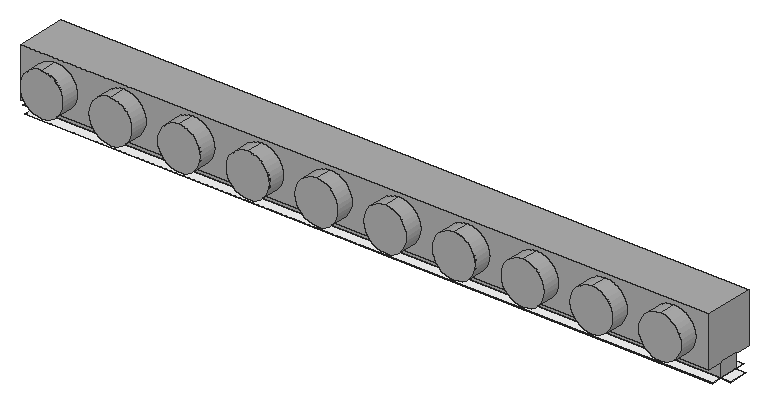
Revit family "Хайд с адаптером (2-10 Подключений) Приток", category Арматура воздуховодов, Revit 2022
Family settings
  Размер круглого соединителя = Использовать диаметр
  Тип детали = Вставляется
  На основе рабочей плоскости = Нет
  Всегда вертикально = Да
  При загрузке вырезать с полостями = Нет
  Общий = Нет
Parameters (values of type "Хайд с адаптером")
  Ширина щели решетки [instance] = 10 mm
  Ширина решетки [instance] = 55 mm
  УГО приток = yes
  УГО вытяжка = no
  Скорость воздуха [instance] = ADSK_Расход воздуха / Площадь сечения решетки  # 0.0 m/s
  Площадь сечения решетки [instance] = Длина решетки * Ширина решетки - ((Длина решетки - 2 * Ширина щели решетки) * (Ширина решетки - 2 * Ширина щели решетки))  # 0.0407 m²
  Патрубок_Расход [instance] = ADSK_Расход воздуха / Патрубки_Количество  # 0 m³/h
  Патрубки_Шаг [instance] = ADSK_Размер_Длина / Патрубки_Количество  # 200 mm
  Патрубки_Сверху [instance] = no
  Патрубки_Отступ [instance] = Патрубки_Шаг / 2  # 100 mm
  Патрубки_Количество [instance] = 10
  Отступ губ [instance] = if(Г_обр адаптер, 0 mm, (ADSK_Размер_Ширина - Ширина решетки) / 2)  # 45 mm
  Отметка по умолчанию = 0 mm
  Наименование решетки [instance] = "Вентиляционная решетка SCHIBERG ХАЙД"  # constant formula
  Метка [instance] = ""
  Материал КСД = ADSK_Сталь оцинкованная
  Марка решетки [instance] = size_lookup("Хайд", "M", "НЕ НАЙДЕН ТИПОРАЗМЕР", ADSK_Размер_Длина, Ширина решетки, Ширина щели решетки)  # "2000x55-10"
  Количество патрубков [instance] = if(Патрубки_Количество < 2, 2, Патрубки_Количество)  # 10
  КСД_Угол [instance] = if(Патрубки_Сверху, 100.00°, 10.00°)  # 10.00°
  Патрубки_Длина = 50 mm
  КСД_Отступ [instance] = if(Патрубки_Сверху, 0.5 * ADSK_Размер_Высота, ADSK_Размер_Ширина / 2)  # 72.5 mm
  Патрубки_Диаметр [instance] = 125 mm
  Длина решетки [instance] = 2000 mm
  Г_обр адаптер [instance] = no
  H [instance] = Высота губ + 2 mm  # 42 mm
  Высота губ [instance] = 40 mm
  ADSK_Расход воздуха [instance] = 0 m³/h
  ADSK_Размер_Ширина [instance] = if(Патрубки_Диаметр = 75 mm, Патрубки_Диаметр + 25 mm, if(Патрубки_Диаметр = 90 mm, Патрубки_Диаметр + 30 mm, Патрубки_Диаметр + 20 mm))  # 145 mm
  ADSK_Размер_Длина [instance] = Длина решетки  # 2000 mm
  ADSK_Размер_Высота [instance] = if(Патрубки_Диаметр = 75 mm, Патрубки_Диаметр + 25 mm, if(Патрубки_Диаметр = 90 mm, Патрубки_Диаметр + 30 mm, Патрубки_Диаметр + 20 mm))  # 145 mm
  ADSK_Примечание [instance] = if(Высота губ = 40 mm, "", "Не типовая высота губ")  # ""
  ADSK_Потеря давления воздуха [instance] = 0.0 Pa
  ADSK_Позиция_Сортировка [instance] = 0
  ADSK_Позиция_Комплект [instance] = 0
  ADSK_Наименование краткое = "Адаптер с решеткой SCHIBERG"  # constant formula
  ADSK_Наименование [instance] = if(ADSK_Размер_Ширина = Ширина решетки, "Адаптер П-образный под решетку SCHIBERG", if(Г_обр адаптер, "Адаптер Г-образный под решетку SCHIBERG", "Адаптер Т-образный под решетку SCHIBERG"))  # "Адаптер Т-образный под решетку SCHIBERG"
  ADSK_Материал = RGB_RAL 9003 (Белый сигнальный)
  ADSK_Марка [instance] = size_lookup("КСД для прямоугольных", "", "НЕ НАЙДЕН ТИПОРАЗМЕР", ADSK_Размер_Длина, Ширина решетки, Количество патрубков, Патрубки_Диаметр, КСД_Угол)  # "2000х55 (сверху 10х125)"
  ADSK_Количество = 1  # constant formula
  ADSK_Код изделия = ""
  ADSK_Завод-изготовитель = "SCHIBERG"  # constant formula
  ADSK_Единица измерения = "шт."  # constant formula
  ADSK_Группирование [instance] = ""
  75+ [instance] = not([75])  # yes
  75 [instance] = or(Патрубки_Диаметр = 75 mm, Патрубки_Диаметр = 90 mm)  # no
Reference planes
  plane 1 "По центру (Вперед/Назад)": y = 0
  plane 2: z = 0
  plane 3 "По центру (Влево/Вправо)": x = 0
  plane 4: z = 42
  plane 5: y = 27.5
  plane 6: y = -27.5
  plane 7: x = -1000
  plane 8: x = 1000
  plane 9: z = 187
  plane 10: y = -72.5
  plane 11 "Патрубки": z = 114.5
  plane 12: x = -900
  plane 13: x = -700
  plane 14: y = 72.5
  plane 15: y = 0
Forms (mm)
  Extrusion 1, solid, material "ADSK_Сталь оцинкованная" <- "Материал КСД", detail levels medium+fine
    sketch origin (0, 0, 0) x (0, 1, 0) y (0, 0, 1)
      loop
        line (27.5, 42) -> (-27.5, 42) -> (-27.5, 1) -> (27.5, 1) -> (27.5, 42)
    from -1000 to 1000
  Extrusion 2, solid, material "ADSK_Сталь оцинкованная" <- "Материал КСД", detail levels medium+fine
    sketch origin (0, 0, 0) x (0, 1, 0) y (0, 0, 1)
      loop
        line (72.5, 187) -> (-72.5, 187) -> (-72.5, 42) -> (72.5, 42) -> (72.5, 187)
    from -1000 to 1000
Lines and regions (mm)
  symbolic lines, detail levels coarse+medium
    curve 1: line (-1000, 86, 0) -> (1000, 86, 0)
    curve 2: line (-1000, -72.5, 0) -> (-1000, 86, 0)
    curve 3: line (1000, -72.5, 0) -> (-1000, -72.5, 0)
    curve 4: line (1000, 86, 0) -> (1000, -72.5, 0)
  model lines, visible <- "УГО приток"
    curve 5: line (-200, 0, -69.985) -> (200, 0, -69.985)
    curve 6: line (-200, 0, -69.985) -> (0, 0, -185.455)
    curve 7: line (0, 0, -185.455) -> (200, 0, -69.985)
  model lines, visible <- "УГО вытяжка"
    curve 8: line (-200, 0, -185.455) -> (200, 0, -185.455)
    curve 9: line (0, 0, -69.985) -> (200, 0, -185.455)
    curve 10: line (0, 0, -69.985) -> (-200, 0, -185.455)
Dimensions and locks
  "H": plane 4 to level
  "Ширина решетки": plane 5 to plane 6
  equal spacing: plane 7, plane 3 "По центру (Влево/Вправо)", plane 8
  "ADSK_Размер_Длина": plane 7 to plane 8
  "ADSK_Размер_Высота": plane 9 to plane 4
  equal spacing: plane 9, plane 11 "Патрубки", plane 4
  "Патрубки_Отступ": plane 7 to plane 12
  "Патрубки_Шаг": plane 12 to plane 13
  equal spacing: group 1, group 2, group 3, group 4, group 5, group 6, group 7, group 8, group 9, group 10  (x2)
  equal spacing: group 10, group 9, group 8, group 7, group 6, group 5, group 4, group 3, group 2, group 1
  "ADSK_Размер_Ширина": plane 14 to plane 10
  equal spacing: curve 5, plane 3 "По центру (Влево/Вправо)", curve 5
  locked: curve 5 to curve 5 at 400
  equal spacing: plane 14, plane 1 "По центру (Вперед/Назад)", plane 10
  "Отступ губ": plane 14 to plane 5
  locked: plane 2 to curve 5 at 69.985
  locked: level to curve 8 at 185.455
  equal spacing: curve 9, plane 3 "По центру (Влево/Вправо)", curve 10
  equal spacing: plane 5, plane 15, plane 6
  locked: curve 5 to curve 7 (angle 30.00°)
  locked: curve 6 to curve 5 (angle 30.00°)
  locked: curve 8 to curve 10 (angle 30.00°)
  locked: curve 9 to curve 8 (angle 30.00°)
  aligned and locked: level to plane 2
  aligned and locked: plane 4 to Extrusion 1 sketch curve
  aligned and locked: Extrusion 1 sketch curve to plane 5
  aligned and locked: Extrusion 1 sketch curve to plane 6
  aligned and locked: Extrusion 1 to plane 7
  aligned and locked: plane 8 to Extrusion 1
  aligned and locked: plane 10 to Extrusion 2 sketch curve
  aligned and locked: Extrusion 2 sketch curve to plane 9
  aligned and locked: Extrusion 2 sketch curve to plane 4
  aligned and locked: plane 8 to Extrusion 2
  aligned and locked: Extrusion 2 to plane 7
  aligned and locked: nested 1 to plane 11 "Патрубки"
  aligned and locked: nested 1 to plane 12
  aligned and locked: nested 2 to plane 13
  aligned and locked: plane 11 "Патрубки" to nested 2
  aligned and locked: plane 7 to curve 2
  aligned and locked: curve 4 to plane 8
  aligned and locked: plane 10 to curve 3
  aligned and locked: Extrusion 2 to plane 14
  aligned and locked: plane 1 "По центру (Вперед/Назад)" to nested 1
  aligned and locked: plane 1 "По центру (Вперед/Назад)" to nested 10
  aligned and locked: plane 1 "По центру (Вперед/Назад)" to nested 9
  aligned and locked: plane 1 "По центру (Вперед/Назад)" to nested 8
  aligned and locked: plane 1 "По центру (Вперед/Назад)" to nested 7
  aligned and locked: plane 1 "По центру (Вперед/Назад)" to nested 6
  aligned and locked: plane 1 "По центру (Вперед/Назад)" to nested 5
  aligned and locked: plane 1 "По центру (Вперед/Назад)" to nested 4
  aligned and locked: plane 1 "По центру (Вперед/Назад)" to nested 3
  aligned and locked: plane 1 "По центру (Вперед/Назад)" to nested 2
  aligned and locked: plane 3 "По центру (Влево/Вправо)" to nested 11
  aligned and locked: nested 11 to level
  aligned and locked: nested 11 to plane 15
Automatic sketch dimensions
  curve 1 to plane 5 = 58.5 mm
  Extrusion 1 sketch curve to plane 6 = 0 mm
  Extrusion 2 sketch curve to plane 5 = 45 mm
  level to Extrusion 1 sketch curve = 1 mm
Nested families
  nested 1: "Патрубки" at (-900, 0, 114.5) x (0, -1, 0) z (0, 0, 1), ADSK_Материал <- "Материал КСД", D <- "Патрубки_Диаметр", L <- "Патрубки_Длина", S <- "КСД_Отступ", Угол <- "КСД_Угол", Видимость 1 <- "75+", Видимость 2 <- "75", type "Патрубки"
    with Угол 10.00°, Видимость 2 no, Видимость 1 yes, S 72.5 mm, L 50 mm, D 125 mm, ADSK_Материал ADSK_Сталь оцинкованная, ADSK_Количество 1
  nested 2: "Патрубки" at (-700, 0, 114.5) x (0, -1, 0) z (0, 0, 1), ADSK_Материал <- "Материал КСД", D <- "Патрубки_Диаметр", L <- "Патрубки_Длина", S <- "КСД_Отступ", Угол <- "КСД_Угол", Видимость 1 <- "75+", Видимость 2 <- "75", type "Патрубки"
    with Угол 10.00°, Видимость 2 no, Видимость 1 yes, S 72.5 mm, L 50 mm, D 125 mm, ADSK_Материал ADSK_Сталь оцинкованная, ADSK_Количество 1
  nested 3: "Патрубки" at (-500, 0, 114.5) x (0, -1, 0) z (0, 0, 1), ADSK_Материал <- "Материал КСД", D <- "Патрубки_Диаметр", L <- "Патрубки_Длина", S <- "КСД_Отступ", Угол <- "КСД_Угол", Видимость 1 <- "75+", Видимость 2 <- "75", type "Патрубки"
    with Угол 10.00°, Видимость 2 no, Видимость 1 yes, S 72.5 mm, L 50 mm, D 125 mm, ADSK_Материал ADSK_Сталь оцинкованная, ADSK_Количество 1
  nested 4: "Патрубки" at (-300, 0, 114.5) x (0, -1, 0) z (0, 0, 1), ADSK_Материал <- "Материал КСД", D <- "Патрубки_Диаметр", L <- "Патрубки_Длина", S <- "КСД_Отступ", Угол <- "КСД_Угол", Видимость 1 <- "75+", Видимость 2 <- "75", type "Патрубки"
    with Угол 10.00°, Видимость 2 no, Видимость 1 yes, S 72.5 mm, L 50 mm, D 125 mm, ADSK_Материал ADSK_Сталь оцинкованная, ADSK_Количество 1
  nested 5: "Патрубки" at (-100, 0, 114.5) x (0, -1, 0) z (0, 0, 1), ADSK_Материал <- "Материал КСД", D <- "Патрубки_Диаметр", L <- "Патрубки_Длина", S <- "КСД_Отступ", Угол <- "КСД_Угол", Видимость 1 <- "75+", Видимость 2 <- "75", type "Патрубки"
    with Угол 10.00°, Видимость 2 no, Видимость 1 yes, S 72.5 mm, L 50 mm, D 125 mm, ADSK_Материал ADSK_Сталь оцинкованная, ADSK_Количество 1
  nested 6: "Патрубки" at (100, 0, 114.5) x (0, -1, 0) z (0, 0, 1), ADSK_Материал <- "Материал КСД", D <- "Патрубки_Диаметр", L <- "Патрубки_Длина", S <- "КСД_Отступ", Угол <- "КСД_Угол", Видимость 1 <- "75+", Видимость 2 <- "75", type "Патрубки"
    with Угол 10.00°, Видимость 2 no, Видимость 1 yes, S 72.5 mm, L 50 mm, D 125 mm, ADSK_Материал ADSK_Сталь оцинкованная, ADSK_Количество 1
  nested 7: "Патрубки" at (300, 0, 114.5) x (0, -1, 0) z (0, 0, 1), ADSK_Материал <- "Материал КСД", D <- "Патрубки_Диаметр", L <- "Патрубки_Длина", S <- "КСД_Отступ", Угол <- "КСД_Угол", Видимость 1 <- "75+", Видимость 2 <- "75", type "Патрубки"
    with Угол 10.00°, Видимость 2 no, Видимость 1 yes, S 72.5 mm, L 50 mm, D 125 mm, ADSK_Материал ADSK_Сталь оцинкованная, ADSK_Количество 1
  nested 8: "Патрубки" at (500, 0, 114.5) x (0, -1, 0) z (0, 0, 1), ADSK_Материал <- "Материал КСД", D <- "Патрубки_Диаметр", L <- "Патрубки_Длина", S <- "КСД_Отступ", Угол <- "КСД_Угол", Видимость 1 <- "75+", Видимость 2 <- "75", type "Патрубки"
    with Угол 10.00°, Видимость 2 no, Видимость 1 yes, S 72.5 mm, L 50 mm, D 125 mm, ADSK_Материал ADSK_Сталь оцинкованная, ADSK_Количество 1
  nested 9: "Патрубки" at (700, 0, 114.5) x (0, -1, 0) z (0, 0, 1), ADSK_Материал <- "Материал КСД", D <- "Патрубки_Диаметр", L <- "Патрубки_Длина", S <- "КСД_Отступ", Угол <- "КСД_Угол", Видимость 1 <- "75+", Видимость 2 <- "75", type "Патрубки"
    with Угол 10.00°, Видимость 2 no, Видимость 1 yes, S 72.5 mm, L 50 mm, D 125 mm, ADSK_Материал ADSK_Сталь оцинкованная, ADSK_Количество 1
  nested 10: "Патрубки" at (900, 0, 114.5) x (0, -1, 0) z (0, 0, 1), ADSK_Материал <- "Материал КСД", D <- "Патрубки_Диаметр", L <- "Патрубки_Длина", S <- "КСД_Отступ", Угол <- "КСД_Угол", Видимость 1 <- "75+", Видимость 2 <- "75", type "Патрубки"
    with Угол 10.00°, Видимость 2 no, Видимость 1 yes, S 72.5 mm, L 50 mm, D 125 mm, ADSK_Материал ADSK_Сталь оцинкованная, ADSK_Количество 1
  nested 11: "Прямоугольная решетка" at (0, 0, 0) x (1, 0, 0) z (0, -1, 0), ADSK_Расход воздуха <- "ADSK_Расход воздуха", Скорость воздуха <- "Скорость воздуха", ADSK_Марка <- "Марка решетки", ADSK_Наименование <- "Наименование решетки", ADSK_Размер_Длина <- "Длина решетки", ADSK_Размер_Ширина <- "Ширина решетки", Ширина щели <- "Ширина щели решетки", Материал отделки <- "ADSK_Материал", ADSK_Обозначение <- "Метка", type "Решетка Schiberg"
    with Ширина щели 10 mm, Скорость воздуха 0.0 m/s, Материал отделки RGB_RAL 9003 (Белый сигнальный), ADSK_Расход воздуха 0 m³/h, ADSK_Размер_Ширина 55 mm, ADSK_Размер_Длина 2000 mm, ADSK_Позиция "", ADSK_Обозначение "", ADSK_Наименование краткое "", ADSK_Наименование "Вентиляционная решетка SCHIBERG ХАЙД", ADSK_Марка "2000x55-10"
Connectors
  hvac at (-900, -122.5, 114.5), driven by "Патрубки_Диаметр", driven by "Патрубок_Расход", driven by "ADSK_Потеря давления воздуха"
    settings: on nested 1, index 1, duct flow 0 m³/h, flow factor 0, pres drop 0.0 Pa, loss coef 0, conn angle 0.00°, conn width 304.8 mm, conn height 304.8 mm, conn diameter 125 mm, duct sys type 1, conn prof type 0, flow config 1, flow direction 1, loss method 0, conn ref index -1, conn util no, is conn primary yes, conn desc ""
  hvac at (-700, -122.5, 114.5), driven by "Патрубки_Диаметр", driven by "Патрубок_Расход"
    settings: on nested 2, index 2, duct flow 0 m³/h, flow factor 0, pres drop 0.0 Pa, loss coef 0, conn angle 0.00°, conn width 304.8 mm, conn height 304.8 mm, conn diameter 125 mm, duct sys type 1, conn prof type 0, flow config 1, flow direction 1, loss method 0, conn ref index -1, conn util no, is conn primary no, conn desc ""
  hvac at (-500, -122.5, 114.5), driven by "Патрубки_Диаметр", driven by "Патрубок_Расход"
    settings: on nested 3, index 3, duct flow 0 m³/h, flow factor 0, pres drop 0.0 Pa, loss coef 0, conn angle 0.00°, conn width 304.8 mm, conn height 304.8 mm, conn diameter 125 mm, duct sys type 1, conn prof type 0, flow config 1, flow direction 1, loss method 0, conn ref index -1, conn util no, is conn primary no, conn desc ""
  hvac at (-300, -122.5, 114.5), driven by "Патрубки_Диаметр", driven by "Патрубок_Расход"
    settings: on nested 4, index 5, duct flow 0 m³/h, flow factor 0, pres drop 0.0 Pa, loss coef 0, conn angle 0.00°, conn width 304.8 mm, conn height 304.8 mm, conn diameter 125 mm, duct sys type 1, conn prof type 0, flow config 1, flow direction 1, loss method 0, conn ref index -1, conn util no, is conn primary no, conn desc ""
  hvac at (-100, -122.5, 114.5), driven by "Патрубки_Диаметр", driven by "Патрубок_Расход"
    settings: on nested 5, index 6, duct flow 0 m³/h, flow factor 0, pres drop 0.0 Pa, loss coef 0, conn angle 0.00°, conn width 304.8 mm, conn height 304.8 mm, conn diameter 125 mm, duct sys type 1, conn prof type 0, flow config 1, flow direction 1, loss method 0, conn ref index -1, conn util no, is conn primary no, conn desc ""
  hvac at (100, -122.5, 114.5), driven by "Патрубки_Диаметр", driven by "Патрубок_Расход"
    settings: on nested 6, index 7, duct flow 0 m³/h, flow factor 0, pres drop 0.0 Pa, loss coef 0, conn angle 0.00°, conn width 304.8 mm, conn height 304.8 mm, conn diameter 125 mm, duct sys type 1, conn prof type 0, flow config 1, flow direction 1, loss method 0, conn ref index -1, conn util no, is conn primary no, conn desc ""
  hvac at (300, -122.5, 114.5), driven by "Патрубки_Диаметр", driven by "Патрубок_Расход"
    settings: on nested 7, index 8, duct flow 0 m³/h, flow factor 0, pres drop 0.0 Pa, loss coef 0, conn angle 0.00°, conn width 304.8 mm, conn height 304.8 mm, conn diameter 125 mm, duct sys type 1, conn prof type 0, flow config 1, flow direction 1, loss method 0, conn ref index -1, conn util no, is conn primary no, conn desc ""
  hvac at (500, -122.5, 114.5), driven by "Патрубки_Диаметр", driven by "Патрубок_Расход"
    settings: on nested 8, index 9, duct flow 0 m³/h, flow factor 0, pres drop 0.0 Pa, loss coef 0, conn angle 0.00°, conn width 304.8 mm, conn height 304.8 mm, conn diameter 125 mm, duct sys type 1, conn prof type 0, flow config 1, flow direction 1, loss method 0, conn ref index -1, conn util no, is conn primary no, conn desc ""
  hvac at (700, -122.5, 114.5), driven by "Патрубки_Диаметр", driven by "Патрубок_Расход"
    settings: on nested 9, index 10, duct flow 0 m³/h, flow factor 0, pres drop 0.0 Pa, loss coef 0, conn angle 0.00°, conn width 304.8 mm, conn height 304.8 mm, conn diameter 125 mm, duct sys type 1, conn prof type 0, flow config 1, flow direction 1, loss method 0, conn ref index -1, conn util no, is conn primary no, conn desc ""
  hvac at (900, -122.5, 114.5), driven by "Патрубки_Диаметр", driven by "Патрубок_Расход"
    settings: on nested 10, index 11, duct flow 0 m³/h, flow factor 0, pres drop 0.0 Pa, loss coef 0, conn angle 0.00°, conn width 304.8 mm, conn height 304.8 mm, conn diameter 125 mm, duct sys type 1, conn prof type 0, flow config 1, flow direction 1, loss method 0, conn ref index -1, conn util no, is conn primary no, conn desc ""
Definition of nested family "Патрубки"
  Parameters (values of type "Патрубки")
    Угол [instance] = 30.00°
    Default Elevation = 0 mm
    Видимость 2 [instance] = no
    Видимость 1 [instance] = yes
    S [instance] = 70 mm
    L [instance] = 50 mm
    D [instance] = 100 mm
    ADSK_Наименование = "Врезка в адаптер"
    ADSK_Материал [instance] = none
    ADSK_Количество [instance] = if(Видимость 1, 1, 0)  # 1
    ADSK_Единица измерения = "шт."  # constant formula
  Reference planes
    plane 1 "По центру (Вперед/Назад)": y = 0
    plane 2: z = 0
    plane 3 "По центру (Влево/Вправо)": x = 0
  Forms (mm)
    Sweep 1, solid, material <- "ADSK_Материал", visible <- "Видимость 1"
      path in 3D
        loop
          line (65.778, 0, 23.941) -> (112.763, 0, 41.042)
      profile origin (89.271, 0, 32.492) x (-0.34202, 0, 0.939693) y (0, -1, 0)
        loop
          circle (0, 0) r 50
  Lines and regions (mm)
    reference lines
      curve 1: line (0, 0, 0) -> (14.772, 0, -2.605)
      curve 2: line (0, 0, 0) -> (65.778, 0, 23.941)
      curve 3: line (65.778, 0, 23.941) -> (112.763, 0, 41.042)
    sketch lines
      curve 4: line (65.778, 0, 23.941) -> (112.763, 0, 41.042)
    model lines, detail levels coarse
      curve 5: line (0, 0, 0) -> (65.778, 0, 23.941)
      curve 6: line (65.778, 0, 23.941) -> (112.763, 0, 41.042)
  Dimensions and locks
    "S": curve 2 to curve 2
    "L": curve 3 to curve 3
    "S": curve 5 to curve 5
    "L": curve 6 to curve 6
    "D": diameter of Sweep 1 sketch curve
    locked: curve 1 to level (angle 10.00°)
    "Угол": angle curve 1 to curve 2
    "Угол": angle curve 1 to curve 3
    "Угол": angle curve 1 to curve 5
    "Угол": angle curve 1 to curve 6
    "Угол": angle curve 1 to nested 1
    aligned and locked: level to plane 2
    aligned and locked: plane 3 "По центру (Влево/Вправо)" to curve 1
    aligned and locked: level to curve 1
    aligned and locked: plane 3 "По центру (Влево/Вправо)" to curve 2
    aligned and locked: level to curve 2
    aligned and locked: plane 3 "По центру (Влево/Вправо)" to curve 5
    aligned and locked: level to curve 5
    aligned and locked: nested 1 to Sweep 1
  Automatic sketch dimensions
    Sweep 1 sketch curve to profile plane = 0 mm
    profile plane to Sweep 1 sketch curve = 0 mm
  Nested families
    nested 1: "Фланец DN75" at (54.032, 0, 19.666) x (0, 1, 0) z (0.342, 0, -0.9397), visible <- "Видимость 2", Типоразмер <- "D", type "Default 2"
      with Типоразмер 100 mm, Длина 75 mm, Двн врезки 35 mm, r3 100 mm, r2 40 mm, r1 35 mm, D90 no, D75 no, ADSK_Техническая характеристика "Ø75", ADSK_Марка "", ADSK_Количество 1, ADSK_Код изделия "", ADSK_Единица измерения "шт."
  Definition of nested family "Фланец DN75"
    Parameters (values of type "Фланец")
      б = 3.5 mm  # constant formula
      Толщина стенки = 1 mm  # constant formula
      Типоразмер [instance] = 75 mm
      Default Elevation = 0 mm
      Длина [instance] = 75 mm  # constant formula
      Двн врезки [instance] = if(D90, 45 mm, 35 mm)  # 35 mm
      Глубина врезки = 13.5 mm  # constant formula
      r3 [instance] = 100 mm  # constant formula
      r2 [instance] = Двн врезки + 5 mm  # 40 mm
      r1 [instance] = Двн врезки  # 35 mm
      D90 [instance] = if(Типоразмер = 90 mm, 1 = 1, 1 = 0)  # no
      D75 [instance] = if(Типоразмер = 75 mm, 1 = 1, 1 = 0)  # yes
      ADSK_Техническая характеристика [instance] = if(D90, "Ø90", "Ø75")  # "Ø75"
      ADSK_Наименование = "Фланец"  # constant formula
      ADSK_Марка [instance] = ""
      ADSK_Количество [instance] = 1  # constant formula
      ADSK_Код изделия [instance] = ""
      ADSK_Завод-изготовитель = "SCHIBERG"  # constant formula
      ADSK_Единица измерения [instance] = "шт."  # constant formula
    Reference planes
      plane 1 "По центру (Вперед/Назад)": y = 0
      plane 2: z = 0
      plane 3 "По центру (Влево/Вправо)": x = 0
      plane 4: x = -35
      plane 5: x = -38.5
      plane 6: y = -75
      plane 7: y = -13.5
    Forms (mm)
      Extrusion 1, solid
        sketch origin (0, 0, 0) x (1, 0, 0) y (0, 1, 0)
          loop
            line (1.764, -7.5) -> (24.182, -7.5)
            arc (24.182, -7.5) -> (24.76, -7.26) -> (25, -6.682) r 0.818
            line (25, -6.682) -> (25, -4.498)
            arc (25, -4.498) -> (24.923, -4.111) -> (24.704, -3.783) r 1.012
            line (24.704, -3.783) -> (21.251, -0.33)
            arc (21.251, -0.33) -> (20.885, -0.086) -> (20.454, 0) r 1.127
            line (20.454, 0) -> (-14.395, 0)
            arc (-14.395, 0) -> (-14.797, -0.08) -> (-15.139, -0.308) r 1.052
            line (-15.139, -0.308) -> (-24.68, -9.849)
            arc (-24.68, -9.849) -> (-24.917, -10.204) -> (-25, -10.623) r 1.094
            line (-25, -10.623) -> (-25, -12.137) -> (-22.993, -12.137) -> (-22.993, -11.028) -> (-2.639, -11.028)
            arc (-2.639, -11.028) -> (-2.23, -10.947) -> (-1.884, -10.715) r 1.068
            line (-1.884, -10.715) -> (1.026, -7.806)
            arc (1.026, -7.806) -> (1.365, -7.58) -> (1.764, -7.5) r 1.045
        from 20 to 70
      Extrusion 2, solid
        sketch origin (0, 0, 0) x (-0.5, 0, -0.866025) y (0, 1, 0)
          loop
            line (1.764, -7.5) -> (24.182, -7.5)
            arc (24.182, -7.5) -> (24.76, -7.26) -> (25, -6.682) r 0.818
            line (25, -6.682) -> (25, -4.498)
            arc (25, -4.498) -> (24.923, -4.111) -> (24.704, -3.783) r 1.012
            line (24.704, -3.783) -> (21.251, -0.33)
            arc (21.251, -0.33) -> (20.885, -0.086) -> (20.454, 0) r 1.127
            line (20.454, 0) -> (-14.395, 0)
            arc (-14.395, 0) -> (-14.797, -0.08) -> (-15.139, -0.308) r 1.052
            line (-15.139, -0.308) -> (-24.68, -9.849)
            arc (-24.68, -9.849) -> (-24.917, -10.204) -> (-25, -10.623) r 1.094
            line (-25, -10.623) -> (-25, -12.137) -> (-22.993, -12.137) -> (-22.993, -11.028) -> (-2.639, -11.028)
            arc (-2.639, -11.028) -> (-2.23, -10.947) -> (-1.884, -10.715) r 1.068
            line (-1.884, -10.715) -> (1.026, -7.806)
            arc (1.026, -7.806) -> (1.365, -7.58) -> (1.764, -7.5) r 1.045
        from 20 to 70
      Extrusion 3, solid
        sketch origin (0, 0, 0) x (-0.5, 0, 0.866025) y (0, 1, 0)
          loop
            line (1.764, -7.5) -> (24.182, -7.5)
            arc (24.182, -7.5) -> (24.76, -7.26) -> (25, -6.682) r 0.818
            line (25, -6.682) -> (25, -4.498)
            arc (25, -4.498) -> (24.923, -4.111) -> (24.704, -3.783) r 1.012
            line (24.704, -3.783) -> (21.251, -0.33)
            arc (21.251, -0.33) -> (20.885, -0.086) -> (20.454, 0) r 1.127
            line (20.454, 0) -> (-14.395, 0)
            arc (-14.395, 0) -> (-14.797, -0.08) -> (-15.139, -0.308) r 1.052
            line (-15.139, -0.308) -> (-24.68, -9.849)
            arc (-24.68, -9.849) -> (-24.917, -10.204) -> (-25, -10.623) r 1.094
            line (-25, -10.623) -> (-25, -12.137) -> (-22.993, -12.137) -> (-22.993, -11.028) -> (-2.639, -11.028)
            arc (-2.639, -11.028) -> (-2.23, -10.947) -> (-1.884, -10.715) r 1.068
            line (-1.884, -10.715) -> (1.026, -7.806)
            arc (1.026, -7.806) -> (1.365, -7.58) -> (1.764, -7.5) r 1.045
        from 20 to 70
      Extrusion 4, void
        sketch origin (0, 0, 0) x (1, 0, 0) y (0, 0, 1)
          loop
            circle (0, 0) r 35
        from 0 to 15
      Extrusion 5, void
        sketch origin (0, 0, 0) x (1, 0, 0) y (0, 0, 1)
          loop
            circle (0, 0) r 100
          loop
            circle (0, 0) r 40
        from 0 to 13
      Revolve 6, solid
        sketch origin (0, 0, 0) x (1, 0, 0) y (0, 1, 0)
          loop
            line (-44.5, -13.5) -> (-36, -13.5) -> (-36, -12.5) -> (-39.036, -9.464) -> (-39.743, -10.172) -> (-37.414, -12.5) -> (-44.5, -12.5) -> (-44.5, -13.5)
          axis (0, -9.464) -> (0, -13.5)
        angle from 0 to 360
      Revolve 7, solid
        sketch origin (0, 0, 0) x (1, 0, 0) y (0, 1, 0)
          loop
            line (-35, 0) -> (-36, 0) -> (-36, -13.5) -> (-44.225, -13.5) -> (-44.225, -14.5) -> (-39.5, -14.5) -> (-39.5, -57.532)
            arc (-39.5, -57.532) -> (-39.675, -60.208) -> (-40.199, -62.839) r 20.506
            line (-40.199, -62.839) -> (-43.457, -75) -> (-42.422, -75) -> (-39.319, -63.42)
            arc (-39.319, -63.42) -> (-38.706, -60.336) -> (-38.5, -57.198) r 24.042
            line (-38.5, -57.198) -> (-38.5, -14.5) -> (-35, -14.5) -> (-35, 0)
          axis (0, 0) -> (0, -75)
        angle from 0 to 360
    Cuts and joins
      Extrusion 4, Extrusion 5 cuts Extrusion 1
      Extrusion 4, Extrusion 5 cuts Extrusion 2
      Extrusion 4, Extrusion 5 cuts Extrusion 3
    Dimensions and locks
      "Двн врезки": plane 4 to plane 3 "По центру (Влево/Вправо)"
      "б": plane 5 to plane 4
      "Длина": plane 6 to plane 1 "По центру (Вперед/Назад)"
      "Глубина врезки": plane 7 to plane 1 "По центру (Вперед/Назад)"
      "Толщина стенки": Revolve 7 sketch curve to plane 4
      "Толщина стенки": plane 7 to Revolve 7 sketch curve
      "Толщина стенки": Revolve 7 sketch curve to plane 5
      "Толщина стенки": Revolve 7 sketch curve to Revolve 7 sketch curve
      "Толщина стенки": Revolve 6 sketch curve to plane 7
      "Толщина стенки": Revolve 6 sketch curve to plane 4
      locked: Revolve 6 sketch curve to plane 4 at 9.5
      "Толщина стенки": Revolve 6 sketch curve to Revolve 6 sketch curve  (x2)
      locked: Revolve 6 sketch curve to Revolve 6 sketch curve at 5
      "r1": radius of Extrusion 4 sketch curve
      "r2": radius of Extrusion 5 sketch curve
      "r3": radius of Extrusion 5 sketch curve
      locked: Revolve 7 sketch curve to plane 5 (angle 15.00°)
      locked: plane 4 to Revolve 6 sketch curve (angle 45.00°)
      aligned and locked: level to plane 2
      aligned and locked: Revolve 7 sketch curve to plane 4
      aligned and locked: Revolve 7 sketch curve to plane 5
      aligned and locked: Revolve 7 sketch curve to plane 1 "По центру (Вперед/Назад)"
      aligned and locked: plane 7 to Revolve 7 sketch curve
      aligned and locked: Revolve 7 sketch curve to plane 3 "По центру (Влево/Вправо)"
      aligned and locked: Revolve 7 sketch curve to plane 6
      aligned and locked: Revolve 6 sketch curve to plane 7
      aligned and locked: plane 3 "По центру (Влево/Вправо)" to Extrusion 4 sketch curve
      aligned and locked: plane 2 to Extrusion 4 sketch curve
      aligned and locked: plane 3 "По центру (Влево/Вправо)" to Extrusion 5 sketch curve  (x2)
      aligned and locked: plane 2 to Extrusion 5 sketch curve  (x2)
    Automatic sketch dimensions
      Revolve 6 sketch curve to plane 3 "По центру (Влево/Вправо)" = 0 mm
      Revolve 6 sketch curve to plane 6 = 1925 mm
      Revolve 6 sketch curve to plane 1 "По центру (Вперед/Назад)" = 2000 mm
      Revolve 7 sketch curve to plane 5 = 1.699 mm
      Revolve 7 sketch curve to Revolve 7 sketch curve = 2.223 mm
      Revolve 7 sketch curve to Revolve 7 sketch curve = 4.725 mm
      plane 6 to Revolve 7 sketch curve = 17.468 mm
      Revolve 7 sketch curve to Revolve 7 sketch curve = 2.536 mm
      Revolve 7 sketch curve to plane 5 = 0.819 mm
      Revolve 7 sketch curve to plane 7 = 1 mm
      plane 6 to Revolve 7 sketch curve = 24.441 mm
      Revolve 7 sketch curve to plane 1 "По центру (Вперед/Назад)" = 19.441 mm
Definition of nested family "Прямоугольная решетка"
  Parameters (values of type "Решетка Schiberg")
    Ширина щели [instance] = 10 mm
    Толщина листа = 1 mm
    Скорость воздуха [instance] = 1.02881 m/s
    Default Elevation = 0 mm
    Материал отделки [instance] = none
    ADSK_Расход воздуха [instance] = 80 m³/h
    ADSK_Размер_Ширина [instance] = 55 mm
    ADSK_Размер_Длина [instance] = 1000 mm
    ADSK_Примечание = ""
    ADSK_Позиция [instance] = ""
    ADSK_Обозначение [instance] = ""
    ADSK_Наименование краткое [instance] = ""
    ADSK_Наименование [instance] = "Вентиляционная решётка SCHIBERG ПРОФИ"
    ADSK_Марка [instance] = "350X100-10"
    ADSK_Количество = 1  # constant formula
    ADSK_Завод-изготовитель = "SCHIBERG"  # constant formula
    ADSK_Единица измерения = "шт."  # constant formula
  Reference planes
    plane 1 "По центру (Вперед/Назад)": y = 0
    plane 2: z = 0
    plane 3 "По центру (Влево/Вправо)": x = 0
    plane 4: z = -27.5
    plane 5: z = 27.5
    plane 6: z = 57.5
    plane 7: z = -57.5
    plane 8: z = -17.5
    plane 9: z = 17.5
    plane 10: x = -500
    plane 11: x = 500
    plane 12: x = 530
    plane 13: x = -530
    plane 14: x = -490
    plane 15: x = 490
    plane 16: y = 1
    plane 17: y = -1
  Forms (mm)
    Extrusion 1, solid, material <- "Материал отделки", detail levels medium+fine
      sketch origin (0, 0, 0) x (1, 0, 0) y (0, 0, 1)
        loop
          line (-490, 17.5) -> (-490, -17.5) -> (490, -17.5) -> (490, 17.5) -> (-490, 17.5)
      from -1 to 0
    Extrusion 2, solid, material <- "Материал отделки", detail levels medium+fine
      sketch origin (0, 0, 0) x (1, 0, 0) y (0, 0, 1)
        loop
          line (-500, 27.5) -> (500, 27.5) -> (500, 57.5) -> (-500, 57.5) -> (-500, 27.5)
      from 0 to -1
    Extrusion 3, solid, material <- "Материал отделки", detail levels medium+fine
      sketch origin (-100, 0, 0) x (0, 0, 1) y (-1, 0, 0)
        loop
          line (-27.5, 400) -> (27.5, 400) -> (27.5, 430) -> (-27.5, 430) -> (-27.5, 400)
      from 0 to -1
    Extrusion 4, solid, material <- "Материал отделки", detail levels medium+fine
      sketch origin (100, 0, 0) x (0, 0, 1) y (-1, 0, 0)
        loop
          line (-27.5, -400) -> (-27.5, -430) -> (27.5, -430) -> (27.5, -400) -> (-27.5, -400)
      from 0 to -1
    Extrusion 5, solid, material <- "Материал отделки", detail levels medium+fine
      sketch origin (0, 0, 0) x (1, 0, 0) y (0, 0, 1)
        loop
          line (-500, -27.5) -> (-500, -57.5) -> (500, -57.5) -> (500, -27.5) -> (-500, -27.5)
      from 0 to -1
    Extrusion 6, solid, detail levels medium+fine
      sketch origin (0, 0, 0) x (1, 0, 0) y (0, 0, 1)
        loop
          line (-490, 17.5) -> (-490, -17.5) -> (490, -17.5) -> (490, 17.5) -> (-490, 17.5)
        loop
          line (-500, 27.5) -> (-500, -27.5) -> (500, -27.5) -> (500, 27.5) -> (-500, 27.5)
      from 0 to -1
  Lines and regions (mm)
    model lines, detail levels coarse
      curve 1: line (-530, 0, 0) -> (530, 0, 0)
  Dimensions and locks
    equal spacing: plane 9, level, plane 8
    equal spacing: plane 5, level, plane 4
    "ADSK_Размер_Ширина": plane 5 to plane 4
    equal spacing: plane 6, level, plane 7
    locked: plane 6 to plane 5 at 30
    equal spacing: plane 15, plane 3 "По центру (Влево/Вправо)", plane 14
    equal spacing: plane 11, plane 3 "По центру (Влево/Вправо)", plane 10
    equal spacing: plane 12, plane 3 "По центру (Влево/Вправо)", plane 13
    locked: plane 10 to plane 13 at 30
    "ADSK_Размер_Длина": plane 11 to plane 10
    plane 12 to plane 11 = 30 mm
    "Ширина щели": plane 14 to plane 10
    "Ширина щели": plane 5 to plane 9
    aligned and locked: level to plane 2
    aligned and locked: plane 1 "По центру (Вперед/Назад)" to Extrusion 1
    aligned and locked: plane 9 to Extrusion 1
    aligned and locked: Extrusion 1 to plane 14
    aligned and locked: plane 15 to Extrusion 1
    aligned and locked: Extrusion 1 to plane 8
    aligned and locked: Extrusion 2 to plane 5
    aligned and locked: plane 6 to Extrusion 2
    aligned and locked: Extrusion 3 to plane 13
    aligned and locked: plane 10 to Extrusion 3
    aligned and locked: Extrusion 3 sketch curve to plane 4
    aligned and locked: plane 5 to Extrusion 3 sketch curve
    aligned and locked: plane 11 to Extrusion 2 sketch curve
    aligned and locked: plane 6 to Extrusion 2 sketch curve
    aligned and locked: Extrusion 2 sketch curve to plane 5
    aligned and locked: Extrusion 2 sketch curve to plane 10
    aligned and locked: Extrusion 4 sketch curve to plane 12
    aligned and locked: Extrusion 4 sketch curve to plane 5
    aligned and locked: plane 4 to Extrusion 4 sketch curve
    aligned and locked: plane 11 to Extrusion 4 sketch curve
    aligned and locked: plane 10 to Extrusion 5 sketch curve
    aligned and locked: Extrusion 5 sketch curve to plane 4
    aligned and locked: plane 7 to Extrusion 5 sketch curve
    aligned and locked: Extrusion 5 sketch curve to plane 11
    aligned and locked: plane 16 to Extrusion 3
    aligned and locked: Extrusion 2 to plane 16
    aligned and locked: Extrusion 5 to plane 16
    aligned and locked: Extrusion 4 to plane 16
    aligned and locked: Extrusion 6 sketch curve to plane 14
    aligned and locked: Extrusion 6 sketch curve to plane 9
    aligned and locked: Extrusion 6 sketch curve to plane 15
    aligned and locked: Extrusion 6 sketch curve to plane 8
    aligned and locked: Extrusion 6 sketch curve to plane 10
    aligned and locked: plane 5 to Extrusion 6 sketch curve
    aligned and locked: Extrusion 6 sketch curve to plane 11
    aligned and locked: Extrusion 6 sketch curve to plane 4
    aligned and locked: plane 1 "По центру (Вперед/Назад)" to Extrusion 2
    aligned and locked: plane 13 to curve 1
    aligned and locked: plane 1 "По центру (Вперед/Назад)" to curve 1
  Automatic sketch dimensions
    Extrusion 1 sketch curve to plane 8 = 0 mm
    Extrusion 1 sketch curve to plane 14 = 0 mm
    Extrusion 1 sketch curve to plane 15 = 0 mm
    Extrusion 1 sketch curve to plane 9 = 0 mm
    Extrusion 3 sketch curve to plane 10 = 0 mm
    Extrusion 3 sketch curve to plane 13 = 0 mm
    curve 1 to plane 12 = 0 mm
